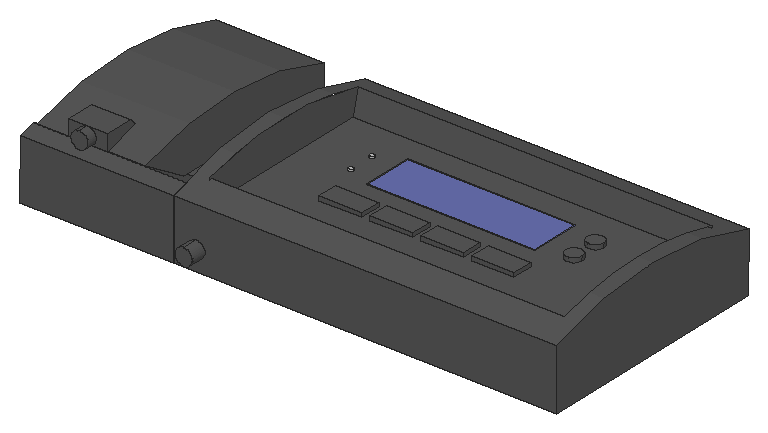
Revit family "Electronics_Wall-Stations_Biamp_Vocia_Wall-Paging-Station_WS-4_10___", category Communication Devices, host Face, Revit 2020
Family settings
  Host = Face
  Maintain Annotation Orientation = No
  Round Connector Dimension = Use Diameter
  Part Type = Normal
  OmniClass Number = 23.85.10.11.14
  OmniClass Title = Audio Equipment
  Cut with Voids When Loaded = No
  Shared = No
  Room Calculation Point = No
Parameters (values of type "WS-4")
  Width = 0' - 11 115/128"  # constant formula
  Weight = 2.60 lbf  # constant formula
  WS-4 = yes
  WS-10 = no
  Voltage = 0 V
  URL = "https://www.biamp.com/"
  Temperature Range = "23 - 104° F (-5 – 40° C) "  # constant formula
  THD+N = "100Hz ~ 8kHz: <0.05%"  # constant formula
  System Headroom = "18dB"  # constant formula
  Sample Rate = "48kHz"  # constant formula
  RS-232 = "57600 kbps"  # constant formula
  Product data url = "https://www.bimobject.com/biamp/product/vocia-ws-4_wall-station"
  Product Page URL = "https://www.biamp.com/products/product-families/vocia/vocia-wall-stations#vocia-ws-4"
  Product Documentation Link = "https://downloads.biamp.com/assets/docs/default-source/data-sheets/biamp_data_sheet_vocia_ws-4_sep20.pdf"
  Power Factor = 1
  PTT = "Switch contact between pin and ground "  # constant formula
  Number of Poles = 1
  Network Connection = "RJ-45 with shielded Ethernet (CAT5, CAT5e, CAT6 or CAT7"  # constant formula
  Model = "Vocia WS-4"
  Microphone Type = "Noise cancelling dynamic microphone with dual transducer (monitored)"  # constant formula
  Microphone Pattern = "Cardioid"  # constant formula
  Microphone Frequency Response = "100Hz-10kHz"  # constant formula
  Microphone Cord Length = 4' - 0"  # constant formula
  Maximum Input = "125dB SPL"  # constant formula
  Max Power Consumption = 0 W
  Manufacturer = "Biamp"  # constant formula
  Input Impedance = "3 kohm"  # constant formula
  Humidity = "0-95% relative humidity (non-condensing)"  # constant formula
  Housing Material = Biamp - Plastic - Black
  Height = 0' - 5 77/256"  # constant formula
  Gain = "Adjustable in 1dB steps over a 30dB range"  # constant formula
  Frequency Response = "100Hz ~ 20kHz: +0, -1dB"  # constant formula
  Effective Input Headroom = "30dB"  # constant formula
  Description = "Vocia® WS-4 Wall Paging Station"
  Depth = 0' - 1 115/128"  # constant formula
  Default Elevation = 4' - 0"
  Connector Description = "PoE 802.3af Class 2 "  # constant formula
  Compliance = "CE marked (Europe) UL and C-UL listed (USA and Canada) RINA (Italy) RoHS Directive (Europe)"  # constant formula
  Balanced Line In = "-10dB Nominal"  # constant formula
  Apparent Load = Max Power Consumption / Power Factor  # 0 VA
  Altitude = "0-10,000 ft (0-3000m) MSL"  # constant formula
  A/D Converters = "24-bit"  # constant formula
  12V DC Out = "50mA"  # constant formula
Reference planes (in)
  plane 1 "Center (Front/Back)": y = 0
  plane 2: z = 0
  plane 3 "Center (Left/Right)": x = 0
  plane 4: x = -5.94922
  plane 5: x = 5.94922
  plane 6: y = 2.65039
  plane 7: y = -2.65039
  plane 8: z = 1.89844
Forms (in)
  Extrusion 1, solid, material "Biamp - Plastic - Black" <- "Housing Material", detail levels fine
    sketch origin (0, 0, 0) x (0, 1, 0) y (0, 0, 1)
      loop
        line (2.65039, 0.0625) -> (2.65039, 0.36) -> (-0.45, 0.36) -> (-2.28039, 1.49844) -> (-2.65039, 1.39844) -> (-2.65039, 0.0625) -> (2.65039, 0.0625)
    from -5.95 to -2.55
  Extrusion 2, solid, material "Biamp - Plastic - Black" <- "Housing Material", visible <- "WS-4", detail levels fine
    sketch origin (0, 0, 0) x (0, 1, 0) y (0, 0, 1)
      loop
        line (-2.65039, 0.0625) -> (2.65039, 0.0625) -> (2.65039, 1.39844)
        arc (2.65039, 1.39844) -> (0, 1.89869) -> (-2.65039, 1.39844) r 7.27119
        line (-2.65039, 1.39844) -> (-2.65039, 0.0625)
    from -2.55 to 5.94922
  Blend 3, void
    base sketch origin (0, 0, 0) x (1, 0, 0) y (0, 1, 0)
      loop
        line (-2.23, 2.17039) -> (-2.23, -2.17039) -> (5.62922, -2.17039) -> (5.62922, 2.17039) -> (-2.23, 2.17039)
    top sketch origin (0, 0, 0) x (1, 0, 0) y (0, 1, 0)
      loop
        line (-2.23, 1.92039) -> (-2.23, -1.92039) -> (5.62922, -1.92039) -> (5.62922, 1.92039) -> (-2.23, 1.92039)
    from 2.10853 to 1.073
  Extrusion 4, solid, material "Biamp - Plastic - Black" <- "Housing Material", detail levels fine
    sketch origin (0, 0, 0) x (0, 1, 0) y (0, 0, 1)
      loop
        line (2.65039, 0.36) -> (2.65039, 1.39844)
        arc (2.65039, 1.39844) -> (0.19408, 1.896) -> (-2.28039, 1.49848) r 7.01574
        line (-2.28039, 1.49848) -> (-1.22751, 0.84435) -> (0.2688, 0.84435)
        arc (0.2688, 0.84435) -> (0.55249, 0.72684) -> (0.67, 0.44315) r 0.4012
        line (0.67, 0.44315) -> (0.67, 0.36) -> (2.65039, 0.36)
    from -5.84906 to -3.47
  Extrusion 5, void
    sketch origin (0, 0, 0) x (1, 0, 0) y (0, 1, 0)
      loop
        line (-5.75, 2.5) -> (-5.75, -2.5) -> (5.75, -2.5) -> (5.75, 2.5) -> (-5.75, 2.5)
    from 0 to 0.0625
  Extrusion 6, solid, material "Biamp - Plastic - Blue", visible <- "WS-4", detail levels medium+fine
    sketch origin (0.02, 0, 0) x (1, 0, 0) y (0, 1, 0)
      loop
        line (-0.58, 1.34) -> (-0.58, 0.21) -> (3.13862, 0.21) -> (3.13862, 1.34) -> (-0.58, 1.34)
    from 1.00943 to 1.073
  Extrusion 7, void
    sketch origin (0.02, 0, 0) x (1, 0, 0) y (0, 1, 0)
      loop
        line (-0.58, 0.21) -> (3.13862, 0.21) -> (3.13862, 1.34) -> (-0.58, 1.34) -> (-0.58, 0.21)
    from 1.00943 to 1.073
  Extrusion 8, solid, material "Biamp - Plastic - Black" <- "Housing Material", visible <- "WS-4", detail levels medium+fine
    sketch origin (0, 0, 1.073) x (1, 0, 0) y (0, 1, 0)
      loop
        line (-0.85, -0.29039) -> (-0.85, -0.76039) -> (0.1, -0.76039) -> (0.1, -0.29039) -> (-0.85, -0.29039)
      loop
        line (0.28, -0.76039) -> (1.23, -0.76039) -> (1.23, -0.29039) -> (0.28, -0.29039) -> (0.28, -0.76039)
      loop
        line (1.41, -0.76039) -> (2.36, -0.76039) -> (2.36, -0.29039) -> (1.41, -0.29039) -> (1.41, -0.76039)
      loop
        line (2.54, -0.76039) -> (3.49, -0.76039) -> (3.49, -0.29039) -> (2.54, -0.29039) -> (2.54, -0.76039)
    from 0 to 0.08451
  Extrusion 9, solid, material "Biamp - Plastic - Black" <- "Housing Material", visible <- "WS-4", detail levels medium+fine
    sketch origin (1.75953, 1.23204, 1.073) x (1, 0, 0) y (0, 1, 0)
      loop
        circle (2.09969, -0.20664) r 0.18
      loop
        circle (2.09969, -0.79664) r 0.18
    from 0 to 0.08451
  Extrusion 10, solid, material "Biamp - Plastic - Gray", visible <- "WS-4", detail levels fine
    sketch origin (1.01047, 1.23204, 1.073) x (-1, 0, 0) y (0, -1, 0)
      loop
        circle (2.10047, 0.20664) r 0.05
      loop
        circle (2.10047, 0.79664) r 0.05
    from 0 to 0.02401
  Extrusion 11, void
    sketch origin (0, 0, 0) x (1, 0, 0) y (0, 0, 1)
      loop
        line (-5.39273, 0.36) -> (-5.39273, 0.31544)
        arc (-5.39273, 0.31544) -> (-5.35726, 0.22983) -> (-5.27165, 0.19437) r 0.12108
        line (-5.27165, 0.19437) -> (-4.04587, 0.19437)
        arc (-4.04587, 0.19437) -> (-3.96024, 0.22983) -> (-3.92477, 0.31546) r 0.12109
        line (-3.92477, 0.31546) -> (-3.92477, 0.36) -> (-3.46922, 0.36) -> (-3.46922, 0.44315) -> (-5.84828, 0.44315) -> (-5.84828, 0.36) -> (-5.39273, 0.36)
    from -2.65 to -0.67
  Extrusion 12, solid, material "Biamp - Plastic - Black" <- "Housing Material", detail levels medium
    sketch origin (-5.95, 0, 0) x (0, -1, 0) y (0, 0, 1)
      loop
        line (-2.65039, 0.36) -> (-2.65039, 0.0625) -> (2.65039, 0.0625) -> (2.65039, 1.39844) -> (2.11986, 1.39844) -> (0.45, 0.36) -> (-2.65039, 0.36)
    from -3.4 to -0.00078
  Extrusion 13, solid, material "Biamp - Plastic - Black" <- "Housing Material", detail levels medium
    sketch origin (-5.95, 0, 0) x (0, -1, 0) y (0, 0, 1)
      loop
        line (-0.67, 0.36) -> (-0.67, 0.84435) -> (1.22751, 0.84435) -> (2.11986, 1.39844) -> (2.65039, 1.39844) -> (2.65039, 1.89844) -> (-2.65039, 1.89844) -> (-2.65039, 0.36) -> (-0.67, 0.36)
    from -2.48 to -0.10094
  Extrusion 14, solid, material "Biamp - Plastic - Black" <- "Housing Material", visible <- "WS-10", detail levels medium
    sketch origin (0, 0, 0) x (0, 1, 0) y (0, 0, 1)
      loop
        line (-2.65039, 0.0625) -> (2.65039, 0.0625) -> (2.65039, 1.89844) -> (-2.65039, 1.89844) -> (-2.65039, 0.0625)
    from -2.55 to 5.94922
  Extrusion 15, solid, material "Biamp - Plastic - Black" <- "Housing Material", detail levels coarse
    sketch origin (-5.95, 0, 0) x (0, -1, 0) y (0, 0, 1)
      loop
        line (-2.65039, 0.0625) -> (2.65039, 0.0625) -> (2.65039, 0.84435) -> (-2.65039, 0.84435) -> (-2.65039, 0.0625)
    from -3.4 to -0.00078
  Extrusion 16, solid, material "Biamp - Plastic - Black" <- "Housing Material", detail levels coarse
    sketch origin (-5.95, 0, 0) x (0, -1, 0) y (0, 0, 1)
      loop
        line (-2.65039, 1.89844) -> (-2.65039, 0.84435) -> (2.65039, 0.84435) -> (2.65039, 1.89844) -> (-2.65039, 1.89844)
    from -2.48 to -0.00078
  Extrusion 17, solid, material "Biamp - Plastic - Black" <- "Housing Material", detail levels coarse
    sketch origin (-5.95, 0, 0) x (0, -1, 0) y (0, 0, 1)
      loop
        line (-2.65039, 1.89844) -> (-2.65039, 0.0625) -> (2.65039, 0.0625) -> (2.65039, 1.89844) -> (-2.65039, 1.89844)
    from -11.89922 to -3.4
  Extrusion 18, solid, material "Biamp - Plastic - Black" <- "Housing Material", visible <- "WS-10", detail levels fine
    sketch origin (0, 0, 0) x (0, 1, 0) y (0, 0, 1)
      loop
        line (-2.65039, 0.0625) -> (2.65039, 0.0625) -> (2.65039, 1.39844)
        arc (2.65039, 1.39844) -> (0, 1.89869) -> (-2.65039, 1.39844) r 7.27119
        line (-2.65039, 1.39844) -> (-2.65039, 0.0625)
    from -2.55 to 5.95
  Extrusion 19, solid, material "Biamp - Plastic - Blue", visible <- "WS-10", detail levels medium+fine
    sketch origin (0.02, 0.407, 0) x (1, 0, 0) y (0, 1, 0)
      loop
        line (-0.58, 1.34039) -> (-0.58, 0.21) -> (3.13862, 0.21) -> (3.13862, 1.34039) -> (-0.58, 1.34039)
    from 1.00943 to 1.073
  Extrusion 20, void
    sketch origin (0, 0.09617, 1.073) x (1, 0, 0) y (0, 1, 0)
      loop
        line (-0.56, 1.65122) -> (-0.56, 0.52083) -> (3.15862, 0.52083) -> (3.15862, 1.65122) -> (-0.56, 1.65122)
    from -0.06357 to 0
  Extrusion 21, solid, material "Biamp - Plastic - Black" <- "Housing Material", visible <- "WS-10", detail levels medium+fine
    sketch origin (1.75953, 1.68079, 1.073) x (1, 0, 0) y (0, 1, 0)
      loop
        circle (2.09969, -0.20664) r 0.18
      loop
        circle (2.09969, -0.79664) r 0.18
    from 0 to 0.08451
  Extrusion 22, solid, material "Biamp - Plastic - Gray", visible <- "WS-10", detail levels fine
    sketch origin (1.01047, 1.68079, 1.073) x (-1, 0, 0) y (0, -1, 0)
      loop
        circle (2.10047, 0.20664) r 0.05
      loop
        circle (2.10047, 0.79664) r 0.05
    from 0 to 0.02401
  Extrusion 23, solid, material "Biamp - Plastic - Black" <- "Housing Material", visible <- "WS-4", detail levels medium
    sketch origin (0, 0, 0) x (0, 1, 0) y (0, 0, 1)
      loop
        line (-2.65039, 0.0625) -> (2.65039, 0.0625) -> (2.65039, 1.89844) -> (-2.65039, 1.89844) -> (-2.65039, 0.0625)
    from -2.55 to 5.95
  Extrusion 24, solid, material "Biamp - Plastic - Black" <- "Housing Material", visible <- "WS-10", detail levels medium+fine
    sketch origin (0, 0.62196, 1.073) x (1, 0, 0) y (0, 1, 0)
      loop
        line (-0.232, -0.16848) -> (-0.232, -0.63848) -> (0.718, -0.63848) -> (0.718, -0.16848) -> (-0.232, -0.16848)
      loop
        line (0.903, -0.63848) -> (1.853, -0.63848) -> (1.853, -0.16848) -> (0.903, -0.16848) -> (0.903, -0.63848)
      loop
        line (2.038, -0.63848) -> (2.988, -0.63848) -> (2.988, -0.16848) -> (2.038, -0.16848) -> (2.038, -0.63848)
      loop
        line (-0.232, -0.78748) -> (-0.232, -1.25748) -> (0.718, -1.25748) -> (0.718, -0.78748) -> (-0.232, -0.78748)
      loop
        line (0.903, -1.25748) -> (1.853, -1.25748) -> (1.853, -0.78748) -> (0.903, -0.78748) -> (0.903, -1.25748)
      loop
        line (2.038, -1.25748) -> (2.988, -1.25748) -> (2.988, -0.78748) -> (2.038, -0.78748) -> (2.038, -1.25748)
      loop
        line (-0.232, -1.40648) -> (-0.232, -1.87648) -> (0.718, -1.87648) -> (0.718, -1.40648) -> (-0.232, -1.40648)
      loop
        line (0.903, -1.87648) -> (1.853, -1.87648) -> (1.853, -1.40648) -> (0.903, -1.40648) -> (0.903, -1.87648)
      loop
        line (2.038, -1.87648) -> (2.988, -1.87648) -> (2.988, -1.40648) -> (2.038, -1.40648) -> (2.038, -1.87648)
      loop
        line (0.903, -2.49548) -> (1.853, -2.49548) -> (1.853, -2.02548) -> (0.903, -2.02548) -> (0.903, -2.49548)
    from 0 to 0.08451
  Extrusion 25, solid, material "Biamp - Plastic - Black" <- "Housing Material", detail levels fine
    sketch origin (0, -2.65039, 0.0625) x (0, 0, 1) y (-1, 0, 0)
      loop
        circle (0.443, 2.05) r 0.187
    from 0 to 0.3386
  Extrusion 26, solid, material "Biamp - Plastic - Black" <- "Housing Material", detail levels fine
    sketch origin (-5.95, 0, 0) x (0, -1, 0) y (0, 0, 1)
      loop
        arc (1.5171, 1.71965) -> (1.90188, 1.61986) -> (2.28039, 1.49844) r 7.01845
        line (2.28039, 1.49844) -> (2.28039, 1.84444) -> (1.64189, 1.84444) -> (1.5171, 1.71965)
    from -1.64 to -0.78
  Extrusion 27, solid, material "Biamp - Plastic - Black" <- "Housing Material", detail levels fine
    sketch origin (-2.71067, -2.65039, 1.27718) x (0, 0, 1) y (-1, 0, 0)
      loop
        circle (0.37894, 2.05) r 0.187
    from -0.37 to -0.15678
Cuts and joins
  Extrusion 5, Extrusion 11 cuts Extrusion 1
  Blend 3, Extrusion 5, Extrusion 7 cuts Extrusion 2
  Extrusion 5 cuts Extrusion 4
  Blend 3, Extrusion 5, Extrusion 20 cuts Extrusion 14
  Blend 3 cuts Extrusion 6
  Extrusion 5 cuts Extrusion 15
  Extrusion 5 cuts Extrusion 17
  Extrusion 5 cuts Extrusion 12
  Blend 3, Extrusion 20 cuts Extrusion 18
  Blend 3, Extrusion 7 cuts Extrusion 23
Lines and regions (in)
  Masking region 1, detail levels fine
    outline origin (0, 0, 0) x (1, 0, 0) y (0, 0, 1)
      loop
        line (5.94922, 0.0625) -> (5.94922, 1.89869) -> (5.62922, 1.89869) -> (5.62922, 1.60413) -> (-2.23, 1.60413) -> (-2.23, 1.89869) -> (-2.55, 1.89869) -> (-2.55, 1.49848) -> (-3.47, 1.49848) -> (-3.47, 1.89745) -> (-5.84906, 1.89745) -> (-5.84906, 1.49844) -> (-5.95, 1.49844) -> (-5.95, 0.0625) -> (-5.75, 0.0625) -> (-5.75, 0) -> (5.75, 0) -> (5.75, 0.0625) -> (5.94922, 0.0625)
  Masking region 2, detail levels coarse+medium
    outline origin (0, 0, 0) x (1, 0, 0) y (0, 0, 1)
      loop
        line (5.94922, 0.0625) -> (5.94922, 1.89844) -> (-2.55, 1.89844) -> (-2.55, 1.39844) -> (-3.47, 1.39844) -> (-3.47, 1.89844) -> (-5.94922, 1.89844) -> (-5.94922, 0.0625) -> (-5.75, 0.0625) -> (-5.75, 0) -> (5.75, 0) -> (5.75, 0.0625) -> (5.94922, 0.0625)
  symbolic lines
    curve 1: line (5.94922, 2.65039, 0) -> (5.94922, -2.65039, 0)
  symbolic lines, detail levels medium
    curve 2: line (-5.84828, -2.65039, 0) -> (-5.84828, 2.65039, 0)
  symbolic lines, detail levels fine
    curve 3: line (-5.16922, -1.5171, 0) -> (-4.30922, -1.5171, 0)
    curve 4: line (-5.16922, -2.28039, 0) -> (-5.16922, -1.5171, 0)
    curve 5: line (-4.30922, -2.28039, 0) -> (-5.16922, -2.28039, 0)
    curve 6: line (-4.30922, -1.5171, 0) -> (-4.30922, -2.28039, 0)
    curve 7: line (-5.16922, -1.64189, 0) -> (-4.30922, -1.64189, 0)
    curve 8: line (-4.94689, -2.49361, 0) -> (-4.57289, -2.49361, 0)
    curve 9: line (-4.57289, -2.49361, 0) -> (-4.57289, -2.28039, 0)
    curve 10: line (-4.94689, -2.49361, 0) -> (-4.94689, -2.28039, 0)
    curve 14: line (-3.46922, 2.65039, 0) -> (-3.46922, -2.28039, 0)
    curve 19: line (-2.55, 0, 1.39844) -> (5.94922, 0, 1.39844)
    curve 20: line (-3.47, 0, 1.39844) -> (-5.84906, 0, 1.39844)
    curve 21: line (-5.84906, 0, 1.89745) -> (-5.84906, 0, 0.36)
    curve 22: line (-2.55, 0, 0.36) -> (-5.84906, 0, 0.36)
    curve 23: line (-3.92477, 0, 0.31546) -> (-3.92477, 0, 0.36)
    curve 24: arc (-4.04587, 0, 0.19437) -> (-3.96024, 0, 0.22983) -> (-3.92477, 0, 0.31546) r 0.12109
    curve 25: line (-5.27165, 0, 0.19437) -> (-4.04587, 0, 0.19437)
    curve 26: arc (-5.39273, 0, 0.31544) -> (-5.35726, 0, 0.22983) -> (-5.27165, 0, 0.19437) r 0.12108
    curve 27: line (-5.39273, 0, 0.36) -> (-5.39273, 0, 0.31544)
    curve 28: line (-2.55, 0, 1.89869) -> (-2.55, 0, 0.0625)
    curve 29: line (5.75, 0, 0.0625) -> (-5.75, 0, 0.0625)
    curve 34: line (-3.47, 0, 1.49848) -> (-3.47, 0, 0.36)
  symbolic lines, visible <- "WS-4", detail levels fine
    curve 11: circle (-1.09, 1.025, 0) r 0.05 normal (0, 0, 1)
    curve 12: arc (-1.04, 0.435, 0) -> (-1.09, 0.485, 0) -> (-1.14, 0.435, 0) r 0.05
    curve 13: arc (-1.14, 0.435, 0) -> (-1.09, 0.385, 0) -> (-1.04, 0.435, 0) r 0.05
  symbolic lines, visible <- "WS-10", detail levels fine
    curve 15: arc (-1.14, 1.47375, 0) -> (-1.09, 1.42375, 0) -> (-1.04, 1.47375, 0) r 0.05
    curve 16: arc (-1.04, 1.47375, 0) -> (-1.09, 1.52375, 0) -> (-1.14, 1.47375, 0) r 0.05
    curve 17: arc (-1.04, 0.88375, 0) -> (-1.09, 0.93375, 0) -> (-1.14, 0.88375, 0) r 0.05
    curve 18: arc (-1.14, 0.88375, 0) -> (-1.09, 0.83375, 0) -> (-1.04, 0.88375, 0) r 0.05
  symbolic lines, detail levels coarse+medium
    curve 30: line (-3.47, 0, 1.89844) -> (-3.47, 0, 0.36)
    curve 31: line (-2.55, 0, 1.89844) -> (-2.55, 0, 0.0625)
    curve 32: line (-2.55, 0, 0.36) -> (-5.94922, 0, 0.36)
    curve 33: line (5.75, 0, 0.0625) -> (-5.75, 0, 0.0625)
Dimensions and locks (in)
  equal spacing: plane 4, plane 3 "Center (Left/Right)", plane 5
  "Width": plane 4 to plane 5
  equal spacing: plane 6, plane 1 "Center (Front/Back)", plane 7
  "Height": plane 6 to plane 7
  "Depth": plane 8 to level
  aligned and locked: plane 2 to host face
  aligned and locked: level to host face
  aligned and locked: Extrusion 1 sketch curve to plane 6
  aligned and locked: Extrusion 1 sketch curve to plane 7
  aligned and locked: Extrusion 2 sketch curve to plane 6
  aligned and locked: Extrusion 2 sketch curve to plane 7
  aligned and locked: plane 5 to Extrusion 2
  aligned and locked: Extrusion 4 sketch curve to plane 6
  aligned and locked: Extrusion 5 sketch curve to nested 1  (x4)
  aligned and locked: Extrusion 7 sketch curve to Extrusion 6
  aligned and locked: Extrusion 6 to Extrusion 7 sketch curve
  aligned and locked: Extrusion 12 to plane 4
  aligned and locked: plane 8 to Extrusion 13 sketch curve
  aligned and locked: Extrusion 14 sketch curve to Extrusion 13  (x2)
  aligned and locked: plane 5 to Extrusion 14
  aligned and locked: cut or joined group of Blend 3, Extrusion 5, Extrusion 14, Extrusion 20 to Extrusion 15 sketch curve
  aligned and locked: Extrusion 15 sketch curve to plane 7
  aligned and locked: Extrusion 15 to plane 4
  aligned and locked: Extrusion 16 sketch curve to Extrusion 13
  aligned and locked: Extrusion 16 sketch curve to cut or joined group of Blend 3, Extrusion 5, Extrusion 14, Extrusion 20
  aligned and locked: Extrusion 16 sketch curve to Extrusion 15  (x2)
  aligned and locked: Extrusion 16 to plane 4
  aligned and locked: Extrusion 17 sketch curve to Extrusion 13
  aligned and locked: Extrusion 17 sketch curve to cut or joined group of Blend 3, Extrusion 5, Extrusion 14, Extrusion 20  (x2)
  aligned and locked: plane 5 to Extrusion 17
  aligned and locked: Extrusion 20 sketch curve to Extrusion 19  (x3)
  aligned and locked: curve 1 to cut or joined group of Extrusion 2, Blend 3, Extrusion 5, Extrusion 7
  aligned and locked: Extrusion 1 to nested 1
  aligned and locked: Extrusion 12 to nested 1
  aligned and locked: Extrusion 17 to nested 1
  aligned and locked: Extrusion 15 to nested 1
  aligned and locked: Extrusion 23 to nested 1
Automatic sketch dimensions
  host sketch curve to host sketch curve = 8' - 0"  (x2)
  plane 7 to Extrusion 1 sketch curve = 0' - 0.37"
  plane 1 "Center (Front/Back)" to Extrusion 1 sketch curve = 0' - 0.45"
  level to Extrusion 1 sketch curve = 0' - 0.36"
  Extrusion 1 sketch curve to plane 8 = 0' - 0 1/2"
  Extrusion 1 sketch curve to Extrusion 1 sketch curve = 0' - 0.1"
  Extrusion 2 sketch curve to plane 1 "Center (Front/Back)" = 0' - 0"
  Extrusion 2 sketch curve to level = 0' - 5.3725"
  Extrusion 2 sketch curve to plane 8 = 0' - 0 1/2"
  plane 7 to Blend 3 sketch curve = 0' - 0.48"
  Blend 3 sketch curve to plane 3 "Center (Left/Right)" = 0' - 2.23"  (x2)
  Blend 3 sketch curve to plane 5 = 0' - 0.32"  (x2)
  Blend 3 sketch curve to plane 6 = 0' - 0.48"
  plane 7 to Blend 3 sketch curve = 0' - 0.73"
  Blend 3 sketch curve to plane 6 = 0' - 0.73"
  Extrusion 4 sketch curve to plane 1 "Center (Front/Back)" = 0' - 0.67"
  Extrusion 4 sketch curve to plane 1 "Center (Front/Back)" = 0' - 0.2688"
  Extrusion 4 sketch curve to plane 1 "Center (Front/Back)" = 0' - 0.05177"
  plane 1 "Center (Front/Back)" to Extrusion 4 sketch curve = 0' - 1.22751"
  plane 7 to Extrusion 4 sketch curve = 0' - 0.37"
  Extrusion 4 sketch curve to level = 0' - 5.1183"
  level to Extrusion 4 sketch curve = 0' - 0.36"
  Extrusion 4 sketch curve to Extrusion 4 sketch curve = 0' - 0.08315"
  Extrusion 4 sketch curve to plane 8 = 0' - 0 1/2"
  Extrusion 6 sketch curve to plane 1 "Center (Front/Back)" = 0' - 0.21"
  Extrusion 6 sketch curve to plane 3 "Center (Left/Right)" = 0' - 0.56"
  Extrusion 6 sketch curve to plane 5 = 0' - 2.7906"
  Extrusion 6 sketch curve to Extrusion 6 sketch curve = 0' - 1.13"
  Extrusion 7 sketch curve to plane 3 "Center (Left/Right)" = 0' - 0.56"
  Extrusion 7 sketch curve to plane 5 = 0' - 2.7906"
  Extrusion 8 sketch curve to Blend 3 = 0' - 1.38"
  Extrusion 8 sketch curve to Extrusion 8 sketch curve = 0' - 0.95"  (x4)
  Extrusion 8 sketch curve to Extrusion 8 sketch curve = 0' - 0.18"  (x3)
  Extrusion 8 sketch curve to Blend 3 = 0' - 1.16"  (x2)
  Extrusion 8 sketch curve to Extrusion 8 sketch curve = 0' - 0"  (x4)
  Extrusion 8 sketch curve to Extrusion 8 sketch curve = 0' - 0.47"  (x2)
  Extrusion 9 sketch curve to Blend 3 = 0' - 1.77"
  Extrusion 9 sketch curve to Extrusion 9 sketch curve = 0' - 0"
  Extrusion 9 sketch curve to Blend 3 = 0' - 1.485"
  Extrusion 9 sketch curve to Extrusion 9 sketch curve = 0' - 0.59"
  Extrusion 10 sketch curve to Blend 3 = 0' - 1.14"
  Extrusion 10 sketch curve to Extrusion 10 sketch curve = 0' - 0"
  Extrusion 10 sketch curve to Blend 3 = 0' - 0.895"
  Extrusion 10 sketch curve to Extrusion 10 sketch curve = 0' - 0.59"
  plane 4 to Extrusion 11 sketch curve = 0' - 0.10094"
  Extrusion 11 sketch curve to Extrusion 11 sketch curve = 0' - 0.45555"  (x2)
  Extrusion 11 sketch curve to Extrusion 11 sketch curve = 0' - 0 31/256"  (x2)
  level to Extrusion 11 sketch curve = 0' - 0.31546"
  Extrusion 11 sketch curve to Extrusion 11 sketch curve = 0' - 1.22578"
  level to Extrusion 11 sketch curve = 0' - 0.36"
  Extrusion 11 sketch curve to Extrusion 11 sketch curve = 0' - 0.04456"
  Extrusion 11 sketch curve to Extrusion 11 sketch curve = 0' - 0.08315"
  Extrusion 13 sketch curve to Extrusion 13 sketch curve = 0' - 1.89751"
  level to Extrusion 18 sketch curve = 0' - 0 1/16"
  Extrusion 18 sketch curve to plane 7 = 0' - 0"
  Extrusion 18 sketch curve to plane 1 "Center (Front/Back)" = 0' - 0"
  Extrusion 18 sketch curve to plane 6 = 0' - 0"
  Extrusion 18 sketch curve to level = 0' - 5.3725"
  Extrusion 18 sketch curve to plane 8 = 0' - 0 1/2"
  Extrusion 19 sketch curve to plane 3 "Center (Left/Right)" = 0' - 0.56"
  Extrusion 19 sketch curve to plane 1 "Center (Front/Back)" = 0' - 0.617"
  Extrusion 19 sketch curve to plane 5 = 0' - 2.7906"
  Extrusion 19 sketch curve to plane 6 = 0' - 0.903"
  Extrusion 20 sketch curve to Blend 3 = 0' - 2.4706"
  Extrusion 21 sketch curve to Blend 3 = 0' - 1.77"
  Extrusion 21 sketch curve to Extrusion 21 sketch curve = 0' - 0"
  Extrusion 21 sketch curve to Blend 3 = 0' - 1.03625"
  Extrusion 21 sketch curve to Blend 3 = 0' - 0.44625"
  Extrusion 22 sketch curve to Blend 3 = 0' - 1.14"
  Extrusion 22 sketch curve to Extrusion 22 sketch curve = 0' - 0"
  Extrusion 22 sketch curve to Blend 3 = 0' - 0.44625"
  Extrusion 22 sketch curve to Extrusion 22 sketch curve = 0' - 0.59"
  Extrusion 23 sketch curve to plane 7 = 0' - 0"
  Extrusion 23 sketch curve to plane 6 = 0' - 0"
  level to Extrusion 23 sketch curve = 0' - 0 1/16"
  Extrusion 23 sketch curve to plane 8 = 0' - 0"
  Extrusion 24 sketch curve to Blend 3 = 0' - 1.998"
  Extrusion 24 sketch curve to Extrusion 24 sketch curve = 0' - 0"  (x17)
  Extrusion 24 sketch curve to Extrusion 24 sketch curve = 0' - 0.95"  (x4)
  Extrusion 24 sketch curve to Extrusion 24 sketch curve = 0' - 0.185"  (x4)
  Extrusion 24 sketch curve to Blend 3 = 0' - 0 3/64"
  Extrusion 24 sketch curve to Extrusion 24 sketch curve = 0' - 0.47"  (x4)
  Extrusion 24 sketch curve to Extrusion 24 sketch curve = 0' - 0.149"  (x8)
  Extrusion 24 sketch curve to Blend 3 = 0' - 0.66587"
  Extrusion 25 sketch curve to Extrusion 18 = 0' - 0.443"
  Extrusion 18 to Extrusion 25 sketch curve = 0' - 0 1/2"
  Extrusion 26 sketch curve to Extrusion 26 sketch curve = 0' - 0.6385"
  Extrusion 26 sketch curve to Extrusion 26 sketch curve = 0' - 0.12479"  (x2)
  Extrusion 27 sketch curve to Extrusion 18 = 0' - 0.25768"
  Extrusion 27 sketch curve to Extrusion 18 = 0' - 2.21067"
  curve 4 to curve 8 = 0' - 0.22233"
  plane 7 to curve 9 = 0' - 0.15678"
  curve 8 to curve 9 = 0' - 0.374"
  curve 9 to curve 5 = 0' - 0.26367"
  curve 17 to plane 3 "Center (Left/Right)" = 0' - 1.09"
  curve 15 to curve 17 = 0' - 0"
  curve 13 to curve 17 = 0' - 0"
  curve 11 to curve 17 = 0' - 0"
  curve 5 to curve 3 = 0' - 0.76329"
  curve 13 to plane 1 "Center (Front/Back)" = 0' - 0.435"
  curve 12 to curve 17 = 0' - 0.44875"
  curve 17 to curve 11 = 0' - 0.14125"
  curve 11 to curve 16 = 0' - 0.44875"
  curve 13 to curve 12 = 0' - 0.05"
  curve 15 to curve 15 = 0' - 0.05"
  curve 17 to curve 17 = 0' - 0.05"
  curve 7 to curve 3 = 0' - 0.12479"
  curve 2 to plane 6 = 0' - 0"
  level to Extrusion 2 sketch curve = 0' - 0 1/16"
  level to Extrusion 12 sketch curve = 0' - 0 1/16"
  Extrusion 12 sketch curve to plane 6 = 0' - 0"
  Extrusion 12 sketch curve to plane 7 = 0' - 0"
  plane 1 "Center (Front/Back)" to Extrusion 12 sketch curve = 0' - 0.45"
  plane 7 to Extrusion 12 sketch curve = 0' - 0.53053"
  Extrusion 12 sketch curve to Extrusion 12 sketch curve = 0' - 0.2975"
  Extrusion 12 sketch curve to plane 8 = 0' - 0 1/2"
  Extrusion 13 sketch curve to plane 6 = 0' - 0"
  Extrusion 13 sketch curve to plane 7 = 0' - 0"
  Extrusion 13 sketch curve to plane 1 "Center (Front/Back)" = 0' - 0.67"
  plane 7 to Extrusion 13 sketch curve = 0' - 0.53053"
  Extrusion 13 sketch curve to plane 8 = 0' - 0 1/2"
  level to Extrusion 13 sketch curve = 0' - 0.84435"
  level to Extrusion 13 sketch curve = 0' - 0.36"
  Extrusion 14 sketch curve to plane 7 = 0' - 0"
  level to Extrusion 14 sketch curve = 0' - 0 1/16"
  level to Extrusion 15 sketch curve = 0' - 0 1/16"
  Extrusion 15 sketch curve to Extrusion 15 sketch curve = 0' - 0.78185"
  level to Extrusion 17 sketch curve = 0' - 0 1/16"
  Extrusion 26 sketch curve to plane 1 "Center (Front/Back)" = 0' - 0.05177"
  Extrusion 26 sketch curve to plane 8 = 0' - 0.17879"
  plane 7 to Extrusion 26 sketch curve = 0' - 1.13329"
  Extrusion 26 sketch curve to Extrusion 26 sketch curve = 0' - 0.346"
  level to Extrusion 1 sketch curve = 0' - 0 1/16"
  Masking region 1 sketch curve to level = 0' - 0"
  Masking region 1 sketch curve to plane 5 = 0' - 0"
  level to Masking region 1 sketch curve = 0' - 0 1/16"  (x2)
  Masking region 1 sketch curve to plane 5 = 0' - 0 51/256"
  Masking region 1 sketch curve to plane 5 = 0' - 0.32"
  Masking region 1 sketch curve to plane 8 = 0' - 0.29431"
  Masking region 1 sketch curve to plane 3 "Center (Left/Right)" = 0' - 2.23"
  plane 8 to Masking region 1 sketch curve = 0' - 0.00025"  (x2)
  Masking region 1 sketch curve to Masking region 1 sketch curve = 0' - 0.32"
  Masking region 1 sketch curve to plane 8 = 0' - 0.00099"
  Masking region 1 sketch curve to Masking region 1 sketch curve = 0' - 0.92"
  plane 4 to Masking region 1 sketch curve = 0' - 0 51/256"
  plane 4 to Masking region 1 sketch curve = 0' - 0.10016"
  Masking region 1 sketch curve to plane 4 = 0' - 0.00078"
  Masking region 1 sketch curve to Masking region 1 sketch curve = 0' - 0.39901"
  Masking region 1 sketch curve to Masking region 1 sketch curve = 0' - 0.10565"
  Masking region 2 sketch curve to plane 4 = 0' - 0"
  Masking region 2 sketch curve to level = 0' - 0"
  Masking region 2 sketch curve to plane 5 = 0' - 0"
  Masking region 2 sketch curve to plane 8 = 0' - 0"  (x2)
  level to Masking region 2 sketch curve = 0' - 0 1/16"  (x2)
  Masking region 2 sketch curve to Masking region 2 sketch curve = 0' - 0 51/256"
  Masking region 2 sketch curve to plane 5 = 0' - 0 51/256"
  Masking region 2 sketch curve to Masking region 2 sketch curve = 0' - 2.47922"
  Masking region 2 sketch curve to plane 8 = 0' - 0 1/2"
  Masking region 2 sketch curve to Masking region 2 sketch curve = 0' - 0.92"
  curve 32 to plane 4 = 0' - 0"
  curve 30 to plane 8 = 0' - 0"
  curve 31 to plane 8 = 0' - 0"
  curve 19 to plane 5 = 0' - 0"
  curve 32 to curve 22 = 0' - 0.10016"
  curve 21 to curve 27 = 0' - 0.45633"
  curve 26 to curve 26 = 0' - 0 31/256"
  level to curve 25 = 0' - 0.19437"
  curve 25 to curve 25 = 0' - 1.22578"
  curve 24 to curve 23 = 0' - 0 31/256"
  level to curve 22 = 0' - 0.36"
  level to curve 29 = 0' - 0 1/16"
  plane 4 to curve 29 = 0' - 0 51/256"
  curve 33 to curve 29 = 0' - 0"  (x3)
  curve 34 to plane 8 = 0' - 0.39996"
  curve 23 to curve 34 = 0' - 0.45477"
  curve 30 to curve 34 = 0' - 0"
  plane 8 to curve 28 = 0' - 0.00025"
  curve 30 to curve 28 = 0' - 0.92"
  curve 28 to curve 31 = 0' - 0"
  curve 29 to plane 5 = 0' - 0 51/256"
  curve 32 to curve 22 = 0' - 0"
  curve 20 to plane 8 = 0' - 0 1/2"
  curve 19 to plane 8 = 0' - 0 1/2"
  curve 21 to plane 8 = 0' - 0.00099"
  curve 2 to plane 7 = 0' - 0"
  curve 1 to plane 7 = 0' - 0"
  plane 4 to curve 3 = 0' - 0.78"
  plane 7 to curve 14 = 0' - 0.37"
  curve 8 to curve 10 = 0' - 0.21322"
  curve 2 to curve 14 = 0' - 2.37906"
  curve 1 to plane 6 = 0' - 0"
  curve 14 to plane 6 = 0' - 0"
  plane 4 to curve 2 = 0' - 0.10094"
  radius of Extrusion 9 sketch curve = 0' - 0.18"  (x2)
  radius of Extrusion 10 sketch curve = 0' - 0.05"  (x2)
  radius of Extrusion 21 sketch curve = 0' - 0.18"  (x2)
  radius of Extrusion 22 sketch curve = 0' - 0.05"  (x2)
  radius of Extrusion 25 sketch curve = 0' - 0.187"
  radius of Extrusion 27 sketch curve = 0' - 0.187"
  radius of curve 11 = 0' - 0.05"
Nested families (in)
  nested 1: "Biamp_Vocia_Wall-Stations_Bracket" at (0, 0, 0), type "Biamp_Vocia_Wall-Stations_Bracket"
Connectors (in)
  electrical at (-3.57, 0.11, 0), driven by "Connector Description", driven by "Power Factor", driven by "Apparent Load", driven by "Number of Poles", driven by "Voltage"
    settings: on nested 1, index 1, voltage 0 V, apparent load 0 VA, apparent load phase1 0 VA, apparent load phase2 0 VA, apparent load phase3 0 VA, power factor 1, load classification "Other", number of poles 1, system type 31, power factor state 1, is connector primary yes, connector utility no, sub classification motor no, connector description "PoE 802.3af Class 2 "
  electrical at (-2.08, -1.35, 0), driven by "Power Factor", driven by "Apparent Load", driven by "Voltage", driven by "Number of Poles"
    settings: on nested 1, index 2, voltage 0 V, apparent load 0 VA, apparent load phase1 0 VA, apparent load phase2 0 VA, apparent load phase3 0 VA, power factor 1, load classification "Other", number of poles 1, system type 30, power factor state 1, is connector primary no, connector utility no, sub classification motor no, connector description "24V DC 6W"
Definition of nested family "Biamp_Vocia_Wall-Stations_Bracket"
  Parameters (values of type "Biamp_Vocia_Wall Stations_Bracket")
    Width = 0' - 11 1/2"
    Weight = 0.00 lbf
    Product Page URL = ""
    Product Documentation Link = ""
    Power = ""
    Material Case = none
    Height = 0' - 0"
    Height_2 = 0' - 0"
    Depth = 0' - 5"
    Default Elevation = 4' - 0"
  Reference planes (in)
    plane 1 "Center (Front/Back)": y = 0
    plane 2: z = 0
    plane 3 "Center (Left/Right)": x = 0
    plane 4: x = -5.75
    plane 5: x = 5.75
    plane 6: y = 2.5
    plane 7: y = -2.5
  Forms (in)
    Extrusion 1, solid
      sketch origin (0, 0, 0) x (1, 0, 0) y (0, 1, 0)
        loop
          line (-48, 48) -> (-48, -48) -> (48, -48) -> (48, 48) -> (-48, 48)
      from 0 to -12
    Extrusion 2, solid, material <- "Material Case", detail levels medium
      sketch origin (0, 0, 0) x (1, 0, 0) y (0, 1, 0)
        loop
          line (-5.75, -2.5) -> (-4.31, -2.5) -> (-4.31, -2.4) -> (-3.67, -2.4) -> (-3.67, -1.64) -> (-3.47, -1.64) -> (-3.47, -2.5) -> (5.75, -2.5) -> (5.75, 2.5) -> (-2.47, 2.5) -> (-2.47, 2.42) -> (-3.47, 2.42) -> (-3.47, 1.8) -> (-5.75, 1.8) -> (-5.75, -2.5)
        loop
          line (-3.67, -0.88) -> (-3.47, -0.88) -> (-3.47, 1.1) -> (-3.67, 1.1) -> (-3.67, -0.88)
        loop
          line (-2.67, -0.86) -> (-2.67, -1.84) -> (-1.49, -1.84) -> (-1.49, -0.86) -> (-2.67, -0.86)
      from 0 to 0.0625
    Extrusion 3, solid, material <- "Material Case", detail levels coarse
      sketch origin (0, 0, 0) x (1, 0, 0) y (0, 1, 0)
        loop
          line (-5.75, 2.5) -> (-5.75, -2.5) -> (5.75, -2.5) -> (5.75, 2.5) -> (-5.75, 2.5)
      from 0 to 0.0625
    Extrusion 4, solid, material <- "Material Case", detail levels fine
      sketch origin (0, 0, 0) x (1, 0, 0) y (0, 1, 0)
        loop
          line (-5.75, -2.5) -> (-4.31, -2.5) -> (-4.31, -2.4) -> (-3.67, -2.4) -> (-3.67, -1.64) -> (-3.47, -1.64) -> (-3.47, -2.5) -> (5.75, -2.5) -> (5.75, 2.5) -> (-2.47, 2.5) -> (-2.47, 2.42) -> (-3.47, 2.42) -> (-3.47, 1.8) -> (-5.75, 1.8) -> (-5.75, -2.5)
        loop
          circle (-4.61, -1.81) r 0.09
        loop
          circle (-4.61, -0.41) r 0.09
        loop
          arc (-5.13007, 0.18627) -> (-5.22627, 0.28993) -> (-5.32993, 0.19373) r 0.1
          line (-5.32993, 0.19373) -> (-5.32993, -0.03373)
          arc (-5.32993, -0.03373) -> (-5.22627, -0.12993) -> (-5.13007, -0.02627) r 0.1
          line (-5.13007, -0.02627) -> (-5.13007, 0.18627)
        loop
          arc (-3.89007, 0.19373) -> (-3.99373, 0.28993) -> (-4.08993, 0.18627) r 0.1
          line (-4.08993, 0.18627) -> (-4.08993, -0.02627)
          arc (-4.08993, -0.02627) -> (-3.99373, -0.12993) -> (-3.89007, -0.03373) r 0.1
          line (-3.89007, -0.03373) -> (-3.89007, 0.19373)
        loop
          circle (-4.61, 0.19) r 0.09
        loop
          circle (-4.61, 1.15) r 0.09
        loop
          circle (-4.61, 1.43) r 0.09
        loop
          arc (-1.86373, 1.53014) -> (-1.76007, 1.62634) -> (-1.85627, 1.73) r 0.1
          line (-1.85627, 1.73) -> (-2.08373, 1.73)
          arc (-2.08373, 1.73) -> (-2.17993, 1.62634) -> (-2.07627, 1.53014) r 0.1
          line (-2.07627, 1.53014) -> (-1.86373, 1.53014)
        loop
          circle (-1.97, 1.99) r 0.09
        loop
          arc (-0.06373, 1.53014) -> (0.03993, 1.62634) -> (-0.05627, 1.73) r 0.1
          line (-0.05627, 1.73) -> (-0.28373, 1.73)
          arc (-0.28373, 1.73) -> (-0.37993, 1.62634) -> (-0.27627, 1.53014) r 0.1
          line (-0.27627, 1.53014) -> (-0.06373, 1.53014)
        loop
          circle (-0.17, 1.99) r 0.09
        loop
          arc (1.73627, 1.53014) -> (1.83993, 1.62634) -> (1.74373, 1.73) r 0.1
          line (1.74373, 1.73) -> (1.51627, 1.73)
          arc (1.51627, 1.73) -> (1.42007, 1.62634) -> (1.52373, 1.53014) r 0.1
          line (1.52373, 1.53014) -> (1.73627, 1.53014)
        loop
          circle (1.63, 1.99) r 0.09
        loop
          arc (3.53627, 1.53014) -> (3.63993, 1.62634) -> (3.54373, 1.73) r 0.1
          line (3.54373, 1.73) -> (3.31627, 1.73)
          arc (3.31627, 1.73) -> (3.22007, 1.62634) -> (3.32373, 1.53014) r 0.1
          line (3.32373, 1.53014) -> (3.53627, 1.53014)
        loop
          circle (3.43, 1.99) r 0.09
        loop
          arc (5.33627, 1.53014) -> (5.43993, 1.62634) -> (5.34373, 1.73) r 0.1
          line (5.34373, 1.73) -> (5.11627, 1.73)
          arc (5.11627, 1.73) -> (5.02007, 1.62634) -> (5.12373, 1.53014) r 0.1
          line (5.12373, 1.53014) -> (5.33627, 1.53014)
        loop
          circle (5.23, 1.99) r 0.09
        loop
          arc (4.75965, 0.19373) -> (4.65599, 0.28993) -> (4.55979, 0.18627) r 0.1
          line (4.55979, 0.18627) -> (4.55979, -0.02627)
          arc (4.55979, -0.02627) -> (4.65599, -0.12993) -> (4.75965, -0.03373) r 0.1
          line (4.75965, -0.03373) -> (4.75965, 0.19373)
        loop
          arc (4.25979, 0.19373) -> (4.15613, 0.28993) -> (4.05993, 0.18627) r 0.1
          line (4.05993, 0.18627) -> (4.05993, -0.02627)
          arc (4.05993, -0.02627) -> (4.15613, -0.12993) -> (4.25979, -0.03373) r 0.1
          line (4.25979, -0.03373) -> (4.25979, 0.19373)
        loop
          arc (-0.49035, 0.19373) -> (-0.59401, 0.28993) -> (-0.69021, 0.18627) r 0.1
          line (-0.69021, 0.18627) -> (-0.69021, -0.02627)
          arc (-0.69021, -0.02627) -> (-0.59401, -0.12993) -> (-0.49035, -0.03373) r 0.1
          line (-0.49035, -0.03373) -> (-0.49035, 0.19373)
        loop
          arc (-0.99021, 0.19373) -> (-1.09387, 0.28993) -> (-1.19007, 0.18627) r 0.1
          line (-1.19007, 0.18627) -> (-1.19007, -0.02627)
          arc (-1.19007, -0.02627) -> (-1.09387, -0.12993) -> (-0.99021, -0.03373) r 0.1
          line (-0.99021, -0.03373) -> (-0.99021, 0.19373)
        loop
          line (-1.49, -0.86) -> (-2.67, -0.86) -> (-2.67, -1.84) -> (-1.49, -1.84) -> (-1.49, -0.86)
        loop
          line (-3.47, 1.1) -> (-3.67, 1.1) -> (-3.67, -0.88) -> (-3.47, -0.88) -> (-3.47, 1.1)
        loop
          circle (-2.87, -2.14) r 0.08
        loop
          circle (-0.17, -1.99) r 0.09
        loop
          arc (-0.05627, -1.73) -> (0.03993, -1.62634) -> (-0.06373, -1.53014) r 0.1
          line (-0.06373, -1.53014) -> (-0.27627, -1.53014)
          arc (-0.27627, -1.53014) -> (-0.37993, -1.62634) -> (-0.28373, -1.73) r 0.1
          line (-0.28373, -1.73) -> (-0.05627, -1.73)
        loop
          circle (1.63, -1.99) r 0.09
        loop
          arc (1.74373, -1.73) -> (1.83993, -1.62634) -> (1.73627, -1.53014) r 0.1
          line (1.73627, -1.53014) -> (1.52373, -1.53014)
          arc (1.52373, -1.53014) -> (1.42007, -1.62634) -> (1.51627, -1.73) r 0.1
          line (1.51627, -1.73) -> (1.74373, -1.73)
        loop
          circle (3.43, -1.99) r 0.09
        loop
          arc (3.54373, -1.73) -> (3.63993, -1.62634) -> (3.53627, -1.53014) r 0.1
          line (3.53627, -1.53014) -> (3.32373, -1.53014)
          arc (3.32373, -1.53014) -> (3.22007, -1.62634) -> (3.31627, -1.73) r 0.1
          line (3.31627, -1.73) -> (3.54373, -1.73)
        loop
          circle (5.23, -1.99) r 0.09
        loop
          arc (5.34373, -1.73) -> (5.43993, -1.62634) -> (5.33627, -1.53014) r 0.1
          line (5.33627, -1.53014) -> (5.12373, -1.53014)
          arc (5.12373, -1.53014) -> (5.02007, -1.62634) -> (5.11627, -1.73) r 0.1
          line (5.11627, -1.73) -> (5.34373, -1.73)
      from 0 to 0.0625
  Lines and regions (in)
    symbolic lines, detail levels medium+fine
      curve 1: line (-5.75, 1.8, 0) -> (-5.75, -2.5, 0)
      curve 2: line (-5.75, -2.5, 0) -> (-4.31, -2.5, 0)
      curve 3: line (-4.31, -2.5, 0) -> (-4.31, -2.4, 0)
      curve 4: line (-4.31, -2.4, 0) -> (-3.67, -2.4, 0)
      curve 5: line (-3.67, -2.4, 0) -> (-3.67, -1.64, 0)
      curve 6: line (-3.67, -1.64, 0) -> (-3.47, -1.64, 0)
      curve 7: line (-3.47, -1.64, 0) -> (-3.47, -2.5, 0)
      curve 8: line (-3.47, -2.5, 0) -> (5.75, -2.5, 0)
      curve 9: line (5.75, -2.5, 0) -> (5.75, 2.5, 0)
      curve 10: line (5.75, 2.5, 0) -> (-2.47, 2.5, 0)
      curve 11: line (-2.47, 2.5, 0) -> (-2.47, 2.42, 0)
      curve 12: line (-2.47, 2.42, 0) -> (-3.47, 2.42, 0)
      curve 13: line (-3.47, 2.42, 0) -> (-3.47, 1.8, 0)
      curve 14: line (-3.47, 1.8, 0) -> (-5.75, 1.8, 0)
      curve 35: line (-2.67, -1.84, 0) -> (-2.67, -0.86, 0)
      curve 36: line (-2.67, -0.86, 0) -> (-1.49, -0.86, 0)
      curve 37: line (-1.49, -0.86, 0) -> (-1.49, -1.84, 0)
      curve 38: line (-1.49, -1.84, 0) -> (-2.67, -1.84, 0)
      curve 101: line (-1.49, -0.86, 0) -> (-1.49, -1.84, 0)
      curve 102: line (-1.49, -1.84, 0) -> (-2.67, -1.84, 0)
      curve 103: line (-2.67, -1.84, 0) -> (-2.67, -0.86, 0)
      curve 104: line (-2.67, -0.86, 0) -> (-1.49, -0.86, 0)
      curve 105: line (-3.47, 1.1, 0) -> (-3.47, -0.88, 0)
      curve 106: line (-3.47, -0.88, 0) -> (-3.67, -0.88, 0)
      curve 107: line (-3.67, -0.88, 0) -> (-3.67, 1.1, 0)
      curve 108: line (-3.67, 1.1, 0) -> (-3.47, 1.1, 0)
    symbolic lines, detail levels fine
      curve 15: arc (-4.7, 1.43, 0) -> (-4.61, 1.52, 0) -> (-4.52, 1.43, 0) r 0.09
      curve 16: arc (-4.52, 1.43, 0) -> (-4.61, 1.34, 0) -> (-4.7, 1.43, 0) r 0.09
      curve 17: arc (-4.52, 1.15, 0) -> (-4.61, 1.06, 0) -> (-4.7, 1.15, 0) r 0.09
      curve 18: arc (-4.08993, 0.18627, 0) -> (-3.99373, 0.28993, 0) -> (-3.89007, 0.19373, 0) r 0.1
      curve 19: line (-3.89007, 0.19373, 0) -> (-3.89007, -0.03373, 0)
      curve 20: arc (-3.89007, -0.03373, 0) -> (-3.99373, -0.12993, 0) -> (-4.08993, -0.02627, 0) r 0.1
      curve 21: line (-4.08993, -0.02627, 0) -> (-4.08993, 0.18627, 0)
      curve 22: arc (-4.7, 0.19, 0) -> (-4.61, 0.28, 0) -> (-4.52, 0.19, 0) r 0.09
      curve 23: arc (-4.52, 0.19, 0) -> (-4.61, 0.1, 0) -> (-4.7, 0.19, 0) r 0.09
      curve 24: arc (-4.52, 1.15, 0) -> (-4.61, 1.24, 0) -> (-4.7, 1.15, 0) r 0.09
      curve 25: arc (-5.32993, 0.19373, 0) -> (-5.22627, 0.28993, 0) -> (-5.13007, 0.18627, 0) r 0.1
      curve 26: line (-5.13007, 0.18627, 0) -> (-5.13007, -0.02627, 0)
      curve 27: arc (-5.13007, -0.02627, 0) -> (-5.22627, -0.12993, 0) -> (-5.32993, -0.03373, 0) r 0.1
      curve 28: line (-5.32993, -0.03373, 0) -> (-5.32993, 0.19373, 0)
      curve 29: arc (-4.7, -0.41, 0) -> (-4.61, -0.32, 0) -> (-4.52, -0.41, 0) r 0.09
      curve 30: arc (-4.52, -0.41, 0) -> (-4.61, -0.5, 0) -> (-4.7, -0.41, 0) r 0.09
      curve 31: arc (-4.7, -1.81, 0) -> (-4.61, -1.72, 0) -> (-4.52, -1.81, 0) r 0.09
      curve 32: arc (-4.52, -1.81, 0) -> (-4.61, -1.9, 0) -> (-4.7, -1.81, 0) r 0.09
      curve 33: arc (-2.95, -2.14, 0) -> (-2.87, -2.06, 0) -> (-2.79, -2.14, 0) r 0.08
      curve 34: arc (-2.79, -2.14, 0) -> (-2.87, -2.22, 0) -> (-2.95, -2.14, 0) r 0.08
      curve 39: line (-0.27627, -1.53014, 0) -> (-0.06373, -1.53014, 0)
      curve 40: arc (-0.06373, -1.53014, 0) -> (0.03993, -1.62634, 0) -> (-0.05627, -1.73, 0) r 0.1
      curve 41: line (-0.05627, -1.73, 0) -> (-0.28373, -1.73, 0)
      curve 42: arc (-0.28373, -1.73, 0) -> (-0.37993, -1.62634, 0) -> (-0.27627, -1.53014, 0) r 0.1
      curve 43: arc (-0.26, -1.99, 0) -> (-0.17, -1.9, 0) -> (-0.08, -1.99, 0) r 0.09
      curve 44: arc (-0.08, -1.99, 0) -> (-0.17, -2.08, 0) -> (-0.26, -1.99, 0) r 0.09
      curve 45: line (1.52373, -1.53014, 0) -> (1.73627, -1.53014, 0)
      curve 46: arc (1.73627, -1.53014, 0) -> (1.83993, -1.62634, 0) -> (1.74373, -1.73, 0) r 0.1
      curve 47: line (1.74373, -1.73, 0) -> (1.51627, -1.73, 0)
      curve 48: arc (1.51627, -1.73, 0) -> (1.42007, -1.62634, 0) -> (1.52373, -1.53014, 0) r 0.1
      curve 49: arc (1.54, -1.99, 0) -> (1.63, -1.9, 0) -> (1.72, -1.99, 0) r 0.09
      curve 50: arc (1.72, -1.99, 0) -> (1.63, -2.08, 0) -> (1.54, -1.99, 0) r 0.09
      curve 51: line (3.32373, -1.53014, 0) -> (3.53627, -1.53014, 0)
      curve 52: arc (3.53627, -1.53014, 0) -> (3.63993, -1.62634, 0) -> (3.54373, -1.73, 0) r 0.1
      curve 53: line (3.54373, -1.73, 0) -> (3.31627, -1.73, 0)
      curve 54: arc (3.31627, -1.73, 0) -> (3.22007, -1.62634, 0) -> (3.32373, -1.53014, 0) r 0.1
      curve 55: arc (3.34, -1.99, 0) -> (3.43, -1.9, 0) -> (3.52, -1.99, 0) r 0.09
      curve 56: arc (3.52, -1.99, 0) -> (3.43, -2.08, 0) -> (3.34, -1.99, 0) r 0.09
      curve 57: line (5.12373, -1.53014, 0) -> (5.33627, -1.53014, 0)
      curve 58: arc (5.33627, -1.53014, 0) -> (5.43993, -1.62634, 0) -> (5.34373, -1.73, 0) r 0.1
      curve 59: line (5.34373, -1.73, 0) -> (5.11627, -1.73, 0)
      curve 60: arc (5.11627, -1.73, 0) -> (5.02007, -1.62634, 0) -> (5.12373, -1.53014, 0) r 0.1
      curve 61: arc (5.14, -1.99, 0) -> (5.23, -1.9, 0) -> (5.32, -1.99, 0) r 0.09
      curve 62: arc (5.32, -1.99, 0) -> (5.23, -2.08, 0) -> (5.14, -1.99, 0) r 0.09
      curve 63: arc (4.05993, 0.18627, 0) -> (4.15613, 0.28993, 0) -> (4.25979, 0.19373, 0) r 0.1
      curve 64: line (4.25979, 0.19373, 0) -> (4.25979, -0.03373, 0)
      curve 65: arc (4.25979, -0.03373, 0) -> (4.15613, -0.12993, 0) -> (4.05993, -0.02627, 0) r 0.1
      curve 66: line (4.05993, -0.02627, 0) -> (4.05993, 0.18627, 0)
      curve 67: arc (4.55979, 0.18627, 0) -> (4.65599, 0.28993, 0) -> (4.75965, 0.19373, 0) r 0.1
      curve 68: line (4.75965, 0.19373, 0) -> (4.75965, -0.03373, 0)
      curve 69: arc (4.75965, -0.03373, 0) -> (4.65599, -0.12993, 0) -> (4.55979, -0.02627, 0) r 0.1
      curve 70: line (4.55979, -0.02627, 0) -> (4.55979, 0.18627, 0)
      curve 71: arc (-0.69021, 0.18627, 0) -> (-0.59401, 0.28993, 0) -> (-0.49035, 0.19373, 0) r 0.1
      curve 72: line (-0.49035, 0.19373, 0) -> (-0.49035, -0.03373, 0)
      curve 73: arc (-0.49035, -0.03373, 0) -> (-0.59401, -0.12993, 0) -> (-0.69021, -0.02627, 0) r 0.1
      curve 74: line (-0.69021, -0.02627, 0) -> (-0.69021, 0.18627, 0)
      curve 75: arc (-1.19007, 0.18627, 0) -> (-1.09387, 0.28993, 0) -> (-0.99021, 0.19373, 0) r 0.1
      curve 76: line (-0.99021, 0.19373, 0) -> (-0.99021, -0.03373, 0)
      curve 77: arc (-0.99021, -0.03373, 0) -> (-1.09387, -0.12993, 0) -> (-1.19007, -0.02627, 0) r 0.1
      curve 78: line (-1.19007, -0.02627, 0) -> (-1.19007, 0.18627, 0)
      curve 79: line (-2.08373, 1.73, 0) -> (-1.85627, 1.73, 0)
      curve 80: arc (-1.85627, 1.73, 0) -> (-1.76007, 1.62634, 0) -> (-1.86373, 1.53014, 0) r 0.1
      curve 81: line (-1.86373, 1.53014, 0) -> (-2.07627, 1.53014, 0)
      curve 82: arc (-2.07627, 1.53014, 0) -> (-2.17993, 1.62634, 0) -> (-2.08373, 1.73, 0) r 0.1
      curve 83: arc (-2.06, 1.99, 0) -> (-1.97, 2.08, 0) -> (-1.88, 1.99, 0) r 0.09
      curve 84: arc (-1.88, 1.99, 0) -> (-1.97, 1.9, 0) -> (-2.06, 1.99, 0) r 0.09
      curve 85: arc (-0.26, 1.99, 0) -> (-0.17, 2.08, 0) -> (-0.08, 1.99, 0) r 0.09
      curve 86: arc (-0.08, 1.99, 0) -> (-0.17, 1.9, 0) -> (-0.26, 1.99, 0) r 0.09
      curve 87: line (-0.28373, 1.73, 0) -> (-0.05627, 1.73, 0)
      curve 88: arc (-0.05627, 1.73, 0) -> (0.03993, 1.62634, 0) -> (-0.06373, 1.53014, 0) r 0.1
      curve 89: line (-0.06373, 1.53014, 0) -> (-0.27627, 1.53014, 0)
      curve 90: arc (-0.27627, 1.53014, 0) -> (-0.37993, 1.62634, 0) -> (-0.28373, 1.73, 0) r 0.1
      curve 91: arc (1.54, 1.99, 0) -> (1.63, 2.08, 0) -> (1.72, 1.99, 0) r 0.09
      curve 92: arc (1.72, 1.99, 0) -> (1.63, 1.9, 0) -> (1.54, 1.99, 0) r 0.09
      curve 93: arc (3.34, 1.99, 0) -> (3.43, 2.08, 0) -> (3.52, 1.99, 0) r 0.09
      curve 94: arc (3.52, 1.99, 0) -> (3.43, 1.9, 0) -> (3.34, 1.99, 0) r 0.09
      curve 95: arc (5.14, 1.99, 0) -> (5.23, 2.08, 0) -> (5.32, 1.99, 0) r 0.09
      curve 96: arc (5.32, 1.99, 0) -> (5.23, 1.9, 0) -> (5.14, 1.99, 0) r 0.09
      curve 97: line (5.11627, 1.73, 0) -> (5.34373, 1.73, 0)
      curve 98: arc (5.34373, 1.73, 0) -> (5.43993, 1.62634, 0) -> (5.33627, 1.53014, 0) r 0.1
      curve 99: line (5.33627, 1.53014, 0) -> (5.12373, 1.53014, 0)
      curve 100: arc (5.12373, 1.53014, 0) -> (5.02007, 1.62634, 0) -> (5.11627, 1.73, 0) r 0.1
    symbolic lines, detail levels coarse
      curve 109: line (-5.75, 2.5, 0) -> (5.75, 2.5, 0)
      curve 110: line (-5.75, -2.5, 0) -> (-5.75, 2.5, 0)
      curve 111: line (5.75, -2.5, 0) -> (-5.75, -2.5, 0)
      curve 112: line (5.75, 2.5, 0) -> (5.75, -2.5, 0)
  Dimensions and locks (in)
    equal spacing: plane 4, plane 3 "Center (Left/Right)", plane 5
    "Width": plane 4 to plane 5
    equal spacing: plane 6, plane 1 "Center (Front/Back)", plane 7
    "Depth": plane 6 to plane 7
    aligned and locked: plane 2 to Extrusion 1
    aligned and locked: level to Extrusion 1
    aligned and locked: Extrusion 3 sketch curve to plane 6
    aligned and locked: plane 4 to Extrusion 3 sketch curve
    aligned and locked: curve 109 to plane 6
    aligned and locked: plane 4 to curve 110
    aligned and locked: plane 7 to curve 111
    aligned and locked: curve 112 to plane 5
  Automatic sketch dimensions
    Extrusion 1 sketch curve to Extrusion 1 sketch curve = 8' - 0"  (x2)
    Extrusion 2 sketch curve to plane 4 = 0' - 0"
    Extrusion 2 sketch curve to plane 7 = 0' - 0"  (x2)
    Extrusion 2 sketch curve to plane 6 = 0' - 0"
    Extrusion 2 sketch curve to plane 5 = 0' - 0"
    plane 7 to Extrusion 2 sketch curve = 0' - 0.1"
    plane 4 to Extrusion 2 sketch curve = 0' - 1.44"
    Extrusion 2 sketch curve to Extrusion 2 sketch curve = 0' - 0.64"
    plane 4 to Extrusion 2 sketch curve = 0' - 2.08"
    Extrusion 2 sketch curve to plane 6 = 0' - 0.08"
    Extrusion 2 sketch curve to Extrusion 2 sketch curve = 0' - 0.2"  (x3)
    Extrusion 2 sketch curve to Extrusion 2 sketch curve = 0' - 0.8"
    Extrusion 2 sketch curve to Extrusion 2 sketch curve = 0' - 1"
    Extrusion 2 sketch curve to Extrusion 2 sketch curve = 0' - 1.18"
    plane 7 to Extrusion 2 sketch curve = 0' - 0.66"
    Extrusion 2 sketch curve to Extrusion 2 sketch curve = 0' - 0.76"  (x2)
    plane 1 "Center (Front/Back)" to Extrusion 2 sketch curve = 0' - 0.86"
    Extrusion 2 sketch curve to plane 1 "Center (Front/Back)" = 0' - 1.1"
    Extrusion 2 sketch curve to plane 6 = 0' - 0.7"
    plane 1 "Center (Front/Back)" to curve 28 = 0' - 0.03373"
    plane 4 to curve 28 = 0' - 0.42007"
    curve 25 to curve 25 = 0' - 0.09993"
    plane 1 "Center (Front/Back)" to curve 27 = 0' - 0.03"
    curve 27 to curve 27 = 0' - 0.09993"
    plane 1 "Center (Front/Back)" to curve 26 = 0' - 0.02627"
    plane 4 to curve 15 = 0' - 1.14"
    plane 4 to curve 32 = 0' - 1.14"
    curve 26 to curve 30 = 0' - 0.52007"
    curve 17 to curve 15 = 0' - 0"
    curve 23 to plane 1 "Center (Front/Back)" = 0' - 0.19"
    curve 26 to curve 23 = 0' - 0.52007"
    curve 31 to curve 3 = 0' - 0.3"
    plane 1 "Center (Front/Back)" to curve 21 = 0' - 0.02627"
    curve 22 to curve 21 = 0' - 0.52007"
    plane 1 "Center (Front/Back)" to curve 20 = 0' - 0.03"
    curve 21 to curve 20 = 0' - 0.09993"
    curve 18 to curve 18 = 0' - 0.09993"
    plane 1 "Center (Front/Back)" to curve 19 = 0' - 0.03373"
    curve 31 to curve 5 = 0' - 0.94"
    curve 107 to curve 5 = 0' - 0"
    curve 12 to plane 6 = 0' - 0.08"
    curve 107 to curve 12 = 0' - 0.2"
    curve 107 to curve 108 = 0' - 0.2"
    curve 5 to curve 6 = 0' - 0.2"
    curve 7 to curve 34 = 0' - 0.6"
    curve 33 to curve 102 = 0' - 0.2"
    curve 12 to curve 12 = 0' - 1"
    curve 11 to curve 79 = 0' - 0.38627"
    curve 79 to curve 82 = 0' - 0.00373"
    curve 82 to curve 81 = 0' - 0.00373"
    curve 82 to curve 84 = 0' - 0.11373"
    curve 81 to curve 81 = 0' - 0.21254"
    curve 81 to curve 80 = 0' - 0.00373"
    curve 80 to curve 79 = 0' - 0.00373"
    curve 35 to curve 36 = 0' - 1.18"
    curve 78 to plane 1 "Center (Front/Back)" = 0' - 0.18627"
    curve 36 to curve 78 = 0' - 0.29993"
    plane 1 "Center (Front/Back)" to curve 77 = 0' - 0.03"
    curve 78 to curve 77 = 0' - 0.09993"
    curve 75 to curve 75 = 0' - 0.09993"
    curve 75 to curve 76 = 0' - 0.09993"
    plane 1 "Center (Front/Back)" to curve 74 = 0' - 0.02627"
    curve 76 to curve 74 = 0' - 0.3"
    plane 1 "Center (Front/Back)" to curve 73 = 0' - 0.03"
    curve 74 to curve 73 = 0' - 0.09993"
    curve 74 to curve 71 = 0' - 0.09993"
    plane 1 "Center (Front/Back)" to curve 72 = 0' - 0.03373"
    curve 41 to plane 3 "Center (Left/Right)" = 0' - 0.28373"
    curve 87 to plane 3 "Center (Left/Right)" = 0' - 0.28373"
    curve 87 to curve 90 = 0' - 0.00373"
    curve 41 to curve 42 = 0' - 0.00373"
    curve 42 to curve 39 = 0' - 0.00373"
    curve 90 to curve 89 = 0' - 0.00373"
    curve 86 to plane 3 "Center (Left/Right)" = 0' - 0.17"
    curve 43 to plane 3 "Center (Left/Right)" = 0' - 0.17"
    curve 39 to plane 3 "Center (Left/Right)" = 0' - 0.06373"
    curve 89 to plane 3 "Center (Left/Right)" = 0' - 0.06373"
    curve 40 to plane 3 "Center (Left/Right)" = 0' - 0.06"
    curve 88 to plane 3 "Center (Left/Right)" = 0' - 0.06"
    curve 41 to plane 3 "Center (Left/Right)" = 0' - 0.05627"
    curve 87 to plane 3 "Center (Left/Right)" = 0' - 0.05627"
    plane 3 "Center (Left/Right)" to curve 47 = 0' - 1.51627"
    curve 47 to curve 48 = 0' - 0.00373"
    curve 48 to curve 45 = 0' - 0.00373"
    curve 92 to plane 6 = 0' - 0.51"
    plane 3 "Center (Left/Right)" to curve 92 = 0' - 1.63"
    curve 47 to curve 50 = 0' - 0.11373"
    curve 45 to curve 45 = 0' - 0.21254"
    curve 45 to curve 46 = 0' - 0.00373"
    curve 46 to curve 47 = 0' - 0.00373"
    plane 7 to curve 53 = 0' - 0.77"
    curve 47 to curve 53 = 0' - 1.57254"
    curve 53 to curve 54 = 0' - 0.00373"
